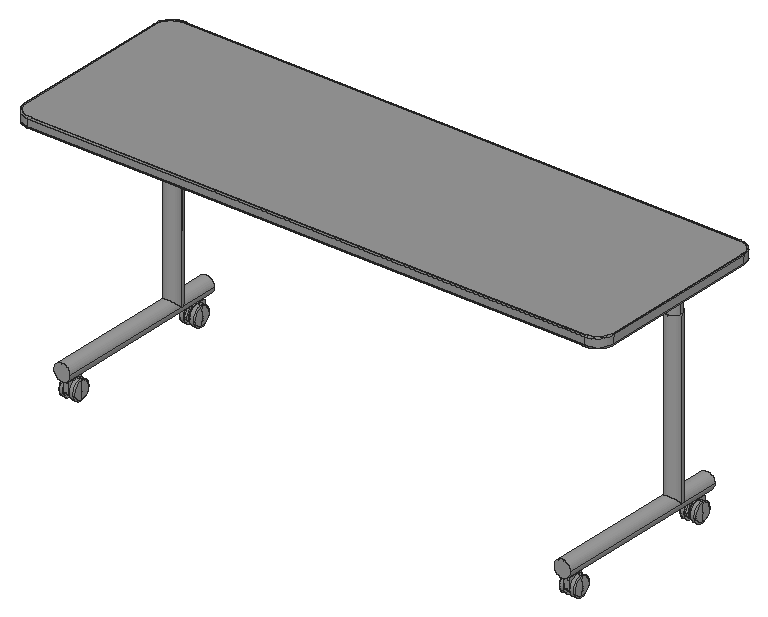
Revit family "Trios C Leg 7224 - Adjustable", category Generic Models, Revit 2018
Family settings
  Can host rebar = No
  Round Connector Dimension = Use Diameter
  Part Type = Normal
  Work Plane-Based = No
  Always vertical = Yes
  Cut with Voids When Loaded = No
  Shared = No
  Room Calculation Point = No
Parameters
  Table Height = 2' - 5 1/2"
  Surface = Trio C-Adj Leg 7224 Surface
  Leg Finish = Trio Leg Platinum
  Grommets = Trios 7224 Tabletop : Trios 7224 Tabletop
  Edgeband = Trio C-Adj Leg 7224 Edgeband
  Caster/Glider = Trios C Leg Adjustable - Casters : Trios C Leg Adjustable - Casters
Reference planes (in)
  plane 1 "Center (Front/Back)": y = 0
  plane 2: z = 0
  plane 3 "Center (Left/Right)": x = 0
  plane 4: z = 29.5
Dimensions and locks (in)
  "Table Height": plane 4 to level
  aligned and locked: plane 2 to level
  aligned and locked: nested 3 to plane 4
Nested families (in)
  nested 1: "Trios C Leg Adjustable - Casters" at (-30.58071, 0, 0), type <- "Caster/Glider", type "Trios C Leg Adjustable - Casters"
    with Leg Height 2' - 5 1/2"
  nested 2: "Trios C Leg Adjustable - Casters" at (30.58071, 0, 0) x (-1, 0, 0) z (0, 0, 1), type <- "Caster/Glider", type "Trios C Leg Adjustable - Casters"
    with Leg Height 2' - 5 1/2"
  nested 3: "Trios 7224 Tabletop" at (0, 0, 1.73202), type <- "Grommets", type "Trios 7224 Tabletop"
Definition of nested family "Trios C Leg Adjustable - Casters"
  Parameters (values of type "Trios C Leg Adjustable - Casters")
    Leg Height = 2' - 0.86283"
    Leg Finish = none
  Reference planes (in)
    plane 1 "Center (Front/Back)": y = 0
    plane 2: z = 0
    plane 3 "Center (Left/Right)": x = 0
  Forms (in)
    Revolve 1, solid
      sketch origin (24.58071, -9.2026, 0) x (1, 0, 0) y (0, 0, 1)
        loop
          line (-24.97071, 0.96467) -> (-24.19071, 0.96467) -> (-24.19071, 0) -> (-23.75169, 0)
          arc (-23.75169, 0) -> (-23.6768, 0.03102) -> (-23.64578, 0.10591) r 0.10591
          arc (-23.64578, 0.10591) -> (-23.60985, 0.63116) -> (-23.59787, 1.1575) r 11.56601
          line (-23.59787, 1.1575) -> (-25.56355, 1.1575)
          arc (-25.56355, 1.1575) -> (-25.55156, 0.63116) -> (-25.51564, 0.10591) r 11.56601
          arc (-25.51564, 0.10591) -> (-25.48462, 0.03102) -> (-25.40973, 0) r 0.10591
          line (-25.40973, 0) -> (-24.97071, 0) -> (-24.97071, 0.96467)
        axis (-23.59787, 1.1575) -> (-25.56355, 1.1575)
      angle from 0 to 360
    Extrusion 2, solid
      sketch origin (24.58071, -2.50544, 0) x (0, 1, 0) y (0, 0, 1)
        loop
          line (-7.72966, 0.8701) -> (-5.67751, 0.8701)
          arc (-5.67751, 0.8701) -> (-5.59637, 0.90001) -> (-5.55407, 0.97544) r 0.125
          arc (-5.55407, 0.97544) -> (-5.81666, 1.90885) -> (-6.69716, 2.315) r 1.1575
          line (-6.69716, 2.315) -> (-7.72966, 2.315)
          arc (-7.72966, 2.315) -> (-7.81805, 2.27839) -> (-7.85466, 2.19) r 0.125
          line (-7.85466, 2.19) -> (-7.85466, 0.9951)
          arc (-7.85466, 0.9951) -> (-7.81805, 0.90671) -> (-7.72966, 0.8701) r 0.125
      from -24.89567 to -24.26575
    Revolve 3, solid
      sketch origin (24.58071, -9.99, 0) x (1, 0, 0) y (0, 0, 1)
        loop
          line (-24.58071, 2.74648) -> (-24.58071, 2.315) -> (-24.39321, 2.315) -> (-24.39321, 2.402) -> (-24.26248, 2.402) -> (-24.26248, 2.55948) -> (-24.39321, 2.55948) -> (-24.39321, 2.74648) -> (-24.58071, 2.74648)
        axis (-24.58071, 2.315) -> (-24.58071, 2.74648)
      angle from 0 to 360
    Extrusion 4, solid
      sketch origin (24.58071, -2.50544, 0) x (0, 1, 0) y (0, 0, 1)
        loop
          arc (-5.36095, 1.27372) -> (-5.63909, 1.69661) -> (-5.81774, 2.1702) r 2.29458
          arc (-5.81774, 2.1702) -> (-5.87342, 2.23656) -> (-5.96002, 2.23454) r 0.1
          line (-5.96002, 2.23454) -> (-6.11283, 2.15668)
          arc (-6.11283, 2.15668) -> (-5.66582, 1.68299) -> (-5.54534, 1.04293) r 1.1575
          line (-5.54534, 1.04293) -> (-5.39253, 1.12079)
          arc (-5.39253, 1.12079) -> (-5.34, 1.18966) -> (-5.36095, 1.27372) r 0.1
      from -24.70571 to -24.45571
    Revolve 5, solid
      sketch origin (24.58071, 9.2026, 0) x (1, 0, 0) y (0, 0, -1)
        loop
          line (-24.97071, -0.96467) -> (-24.97071, 0) -> (-25.40973, 0)
          arc (-25.40973, 0) -> (-25.48462, -0.03102) -> (-25.51564, -0.10591) r 0.10591
          arc (-25.51564, -0.10591) -> (-25.55156, -0.63116) -> (-25.56355, -1.1575) r 11.56601
          line (-25.56355, -1.1575) -> (-23.59787, -1.1575)
          arc (-23.59787, -1.1575) -> (-23.60985, -0.63116) -> (-23.64578, -0.10591) r 11.56601
          arc (-23.64578, -0.10591) -> (-23.6768, -0.03102) -> (-23.75169, 0) r 0.10591
          line (-23.75169, 0) -> (-24.19071, 0) -> (-24.19071, -0.96467) -> (-24.97071, -0.96467)
        axis (-23.59787, -1.1575) -> (-25.56355, -1.1575)
      angle from 0 to 360
    Extrusion 6, solid
      sketch origin (24.58071, 2.50544, 0) x (0, -1, 0) y (0, 0, -1)
        loop
          arc (-7.72966, -0.8701) -> (-7.81805, -0.90671) -> (-7.85466, -0.9951) r 0.125
          line (-7.85466, -0.9951) -> (-7.85466, -2.19)
          arc (-7.85466, -2.19) -> (-7.81805, -2.27839) -> (-7.72966, -2.315) r 0.125
          line (-7.72966, -2.315) -> (-6.69716, -2.315)
          arc (-6.69716, -2.315) -> (-5.81666, -1.90885) -> (-5.55407, -0.97544) r 1.1575
          arc (-5.55407, -0.97544) -> (-5.59637, -0.90001) -> (-5.67751, -0.8701) r 0.125
          line (-5.67751, -0.8701) -> (-7.72966, -0.8701)
      from -24.89567 to -24.26575
    Revolve 7, solid
      sketch origin (24.58071, 9.99, 0) x (1, 0, 0) y (0, 0, -1)
        loop
          line (-24.58071, -2.74648) -> (-24.39321, -2.74648) -> (-24.39321, -2.55948) -> (-24.26248, -2.55948) -> (-24.26248, -2.402) -> (-24.39321, -2.402) -> (-24.39321, -2.315) -> (-24.58071, -2.315) -> (-24.58071, -2.74648)
        axis (-24.58071, -2.315) -> (-24.58071, -2.74648)
      angle from 0 to 360
    Extrusion 8, solid
      sketch origin (24.58071, 2.50544, 0) x (0, -1, 0) y (0, 0, -1)
        loop
          arc (-5.36095, -1.27372) -> (-5.34, -1.18966) -> (-5.39253, -1.12079) r 0.1
          line (-5.39253, -1.12079) -> (-5.54534, -1.04293)
          arc (-5.54534, -1.04293) -> (-5.66582, -1.68299) -> (-6.11283, -2.15668) r 1.1575
          line (-6.11283, -2.15668) -> (-5.96002, -2.23454)
          arc (-5.96002, -2.23454) -> (-5.87342, -2.23656) -> (-5.81774, -2.1702) r 0.1
          arc (-5.81774, -2.1702) -> (-5.63909, -1.69661) -> (-5.36095, -1.27372) r 2.29458
      from -24.70571 to -24.45571
    Extrusion 9, solid, material <- "Leg Finish"
      sketch origin (0, 6, 0) x (1, 0, 0) y (0, 1, 0)
        loop
          circle (0, 0) r 1
      from 3.56048 to 24.30283
    Extrusion 10, solid, material <- "Leg Finish"
      sketch origin (0, 0, 0) x (1, 0, 0) y (0, 0, 1)
        loop
          circle (0, 3.56048) r 1
      from -11 to 11
  Dimensions and locks (in)
    "Leg Height": nested 1 to level
    aligned and locked: plane 2 to level
  Automatic sketch dimensions
    Revolve 1 sketch curve to level = 0' - 0"  (x2)
    level to Revolve 1 sketch curve = 0' - 1.1575"
    Revolve 1 sketch curve to plane 3 "Center (Left/Right)" = 0' - 10.58317"
    Revolve 1 sketch curve to plane 3 "Center (Left/Right)" = 0' - 0.98284"
    level to Revolve 1 sketch curve = 0' - 0.10591"  (x2)
    Revolve 1 sketch curve to plane 3 "Center (Left/Right)" = 0' - 0.82902"
    Revolve 1 sketch curve to plane 3 "Center (Left/Right)" = 0' - 0.39"
    plane 3 "Center (Left/Right)" to Revolve 1 sketch curve = 0' - 0.39"
    Revolve 1 sketch curve to Revolve 1 sketch curve = 0' - 0.43902"
    Revolve 1 sketch curve to Revolve 1 sketch curve = 0' - 0.19283"
    Revolve 1 sketch curve to Revolve 1 sketch curve = 0' - 1.15716"
    Revolve 1 sketch curve to Revolve 1 sketch curve = 0' - 0.87716"
    Revolve 1 sketch curve to Revolve 1 sketch curve = 0' - 0"
    level to Extrusion 2 sketch curve = 0' - 0.9951"
    plane 1 "Center (Front/Back)" to Extrusion 2 sketch curve = 0' - 10.3601"
    Extrusion 2 sketch curve to Extrusion 2 sketch curve = 0' - 0 1/8"  (x3)
    Extrusion 2 sketch curve to Extrusion 2 sketch curve = 0' - 1.0325"
    Extrusion 2 sketch curve to Extrusion 2 sketch curve = 0' - 1.01965"
    Extrusion 2 sketch curve to Extrusion 2 sketch curve = 0' - 0.1624"
    Extrusion 2 sketch curve to Extrusion 2 sketch curve = 0' - 1.1949"
    Revolve 3 sketch curve to plane 3 "Center (Left/Right)" = 0' - 0"  (x2)
    plane 3 "Center (Left/Right)" to Revolve 3 sketch curve = 0' - 0 3/16"
    Revolve 3 sketch curve to Revolve 3 sketch curve = 0' - 0 3/16"
    Revolve 3 sketch curve to Revolve 3 sketch curve = 0' - 0.13072"
    level to Revolve 3 sketch curve = 0' - 2.315"
    Revolve 3 sketch curve to Revolve 3 sketch curve = 0' - 0.087"
    Revolve 3 sketch curve to Revolve 3 sketch curve = 0' - 0.15748"
    Revolve 3 sketch curve to Revolve 3 sketch curve = 0' - 0.187"
    Revolve 3 sketch curve to Revolve 3 sketch curve = 0' - 0"
    Revolve 3 sketch curve to Revolve 3 sketch curve = 0' - 0.49875"
    level to Extrusion 4 sketch curve = 0' - 1.1575"
    plane 1 "Center (Front/Back)" to Extrusion 4 sketch curve = 0' - 9.2026"
    level to Extrusion 4 sketch curve = 0' - 2.15668"
    Extrusion 4 sketch curve to Extrusion 4 sketch curve = 0' - 0.58433"
    level to Extrusion 4 sketch curve = 0' - 2.23454"
    Extrusion 4 sketch curve to Extrusion 4 sketch curve = 0' - 0.15281"
    Extrusion 4 sketch curve to Extrusion 4 sketch curve = 0' - 0.0454"  (x2)
    level to Extrusion 4 sketch curve = 0' - 1.04293"
    Extrusion 4 sketch curve to Extrusion 4 sketch curve = 0' - 0.10741"
    level to Extrusion 4 sketch curve = 0' - 1.12079"
    Extrusion 4 sketch curve to Extrusion 4 sketch curve = 0' - 1.84333"
    Extrusion 4 sketch curve to Extrusion 4 sketch curve = 0' - 0.0891"  (x2)
    Extrusion 4 sketch curve to Extrusion 4 sketch curve = 0' - 1.52844"
    Extrusion 4 sketch curve to Extrusion 4 sketch curve = 0' - 0"
    Revolve 5 sketch curve to level = 0' - 0"  (x2)
    level to Revolve 5 sketch curve = 0' - 1.1575"
    Revolve 5 sketch curve to plane 3 "Center (Left/Right)" = 0' - 10.58317"
    Revolve 5 sketch curve to plane 3 "Center (Left/Right)" = 0' - 0.98284"
    level to Revolve 5 sketch curve = 0' - 0.10591"  (x2)
    Revolve 5 sketch curve to plane 3 "Center (Left/Right)" = 0' - 0.82902"
    Revolve 5 sketch curve to plane 3 "Center (Left/Right)" = 0' - 0.39"
    plane 3 "Center (Left/Right)" to Revolve 5 sketch curve = 0' - 0.39"
    Revolve 5 sketch curve to Revolve 5 sketch curve = 0' - 0.43902"
    Revolve 5 sketch curve to Revolve 5 sketch curve = 0' - 0.19283"
    Revolve 5 sketch curve to Revolve 5 sketch curve = 0' - 1.15716"
    Revolve 5 sketch curve to Revolve 5 sketch curve = 0' - 0.87716"
    Revolve 5 sketch curve to Revolve 5 sketch curve = 0' - 0"
    Extrusion 6 sketch curve to level = 0' - 0.9951"
    plane 1 "Center (Front/Back)" to Extrusion 6 sketch curve = 0' - 10.3601"
    Extrusion 6 sketch curve to Extrusion 6 sketch curve = 0' - 0 1/8"  (x3)
    Extrusion 6 sketch curve to Extrusion 6 sketch curve = 0' - 1.0325"
    Extrusion 6 sketch curve to Extrusion 6 sketch curve = 0' - 1.01965"
    Extrusion 6 sketch curve to Extrusion 6 sketch curve = 0' - 0.1624"
    Extrusion 6 sketch curve to Extrusion 6 sketch curve = 0' - 1.1949"
    Revolve 7 sketch curve to plane 3 "Center (Left/Right)" = 0' - 0"  (x2)
    plane 3 "Center (Left/Right)" to Revolve 7 sketch curve = 0' - 0 3/16"
    Revolve 7 sketch curve to Revolve 7 sketch curve = 0' - 0 3/16"
    Revolve 7 sketch curve to Revolve 7 sketch curve = 0' - 0.13072"
    level to Revolve 7 sketch curve = 0' - 2.74648"
    Revolve 7 sketch curve to Revolve 7 sketch curve = 0' - 0.187"
    Revolve 7 sketch curve to Revolve 7 sketch curve = 0' - 0.15748"
    Revolve 7 sketch curve to Revolve 7 sketch curve = 0' - 0.087"
    Revolve 7 sketch curve to Revolve 7 sketch curve = 0' - 0.49875"
    Revolve 7 sketch curve to Revolve 7 sketch curve = 0' - 0"
    Extrusion 8 sketch curve to level = 0' - 1.1575"
    plane 1 "Center (Front/Back)" to Extrusion 8 sketch curve = 0' - 9.2026"
    Extrusion 8 sketch curve to level = 0' - 2.15668"
    Extrusion 8 sketch curve to Extrusion 8 sketch curve = 0' - 0.58433"
    Extrusion 8 sketch curve to level = 0' - 2.23454"
    Extrusion 8 sketch curve to Extrusion 8 sketch curve = 0' - 0.15281"
    Extrusion 8 sketch curve to Extrusion 8 sketch curve = 0' - 0.0454"  (x2)
    Extrusion 8 sketch curve to level = 0' - 1.04293"
    Extrusion 8 sketch curve to Extrusion 8 sketch curve = 0' - 0.10741"
    Extrusion 8 sketch curve to level = 0' - 1.12079"
    Extrusion 8 sketch curve to Extrusion 8 sketch curve = 0' - 1.84333"
    Extrusion 8 sketch curve to Extrusion 8 sketch curve = 0' - 0.0891"  (x2)
    Extrusion 8 sketch curve to Extrusion 8 sketch curve = 0' - 1.52844"
    Extrusion 8 sketch curve to Extrusion 8 sketch curve = 0' - 0"
    Extrusion 9 sketch curve to Extrusion 9 sketch curve = 0' - 0"  (x2)
    Extrusion 9 sketch curve to plane 3 "Center (Left/Right)" = 0' - 0"
    Extrusion 9 sketch curve to plane 1 "Center (Front/Back)" = 0' - 6"
    Extrusion 9 sketch curve to Extrusion 9 sketch curve = 0' - 1"
    Extrusion 10 sketch curve to Extrusion 10 sketch curve = 0' - 0"  (x2)
    Extrusion 10 sketch curve to plane 3 "Center (Left/Right)" = 0' - 0"
    level to Extrusion 10 sketch curve = 0' - 3.56048"
    Extrusion 10 sketch curve to Extrusion 10 sketch curve = 0' - 1"
  Nested families (in)
    nested 1: "Trios Adjustable Top" at (0, 6, 0), type "Trios Adjustable Top"
  Definition of nested family "Trios Adjustable Top"
    Parameters (values of type "Trios Adjustable Top")
      Leg Finish = none
    Reference planes (in)
      plane 1 "Center (Front/Back)": y = 0
      plane 2: z = 0
      plane 3 "Center (Left/Right)": x = 0
    Forms (in)
      Extrusion 1, solid, material <- "Leg Finish"
        sketch origin (0, 0, 0) x (1, 0, 0) y (0, 1, 0)
          loop
            circle (0, 0) r 0.87661
        from 7.06283 to 24.68283
      Extrusion 2, solid, material <- "Leg Finish"
        sketch origin (0, 0, 0) x (1, 0, 0) y (0, 1, 0)
          loop
            line (-2.9995, 3.9995) -> (-2.9995, -3.9995) -> (3, -3.9995) -> (3, 3.9995) -> (-2.9995, 3.9995)
        from 24.68283 to 24.86283
    Dimensions and locks (in)
      aligned and locked: plane 2 to level
Definition of nested family "Trios 7224 Tabletop"
  Parameters (values of type "Trios 7224 Tabletop")
    Surface = none
    Edgeband = none
  Reference planes (in)
    plane 1 "Center (Front/Back)": y = 0
    plane 2: z = 0
    plane 3 "Center (Left/Right)": x = 0
  Forms (in)
    Extrusion 1, solid, material <- "Surface"
      sketch origin (0, 0, 0) x (1, 0, 0) y (0, 1, 0)
        loop
          line (34, 11.79342) -> (-34, 11.79342)
          arc (-34, 11.79342) -> (-35.3307, 11.24223) -> (-35.88189, 9.91153) r 1.88189
          line (-35.88189, 9.91153) -> (-35.88189, -9.91153)
          arc (-35.88189, -9.91153) -> (-35.3307, -11.24223) -> (-34, -11.79342) r 1.88189
          line (-34, -11.79342) -> (34, -11.79342)
          arc (34, -11.79342) -> (35.3307, -11.24223) -> (35.88189, -9.91153) r 1.88189
          line (35.88189, -9.91153) -> (35.88189, 9.91153)
          arc (35.88189, 9.91153) -> (35.3307, 11.24223) -> (34, 11.79342) r 1.88189
      from 27.76798 to 28.96798
    Sweep 2, solid, material <- "Edgeband"
      path origin (0, 0, 0) x (1, 0, 0) y (0, 1, 0)
        loop
          line (34, 11.79342) -> (-34, 11.79342)
          arc (-34, 11.79342) -> (-35.3307, 11.24223) -> (-35.88189, 9.91153) r 1.88189
          line (-35.88189, 9.91153) -> (-35.88189, -9.91153)
          arc (-35.88189, -9.91153) -> (-35.3307, -11.24223) -> (-34, -11.79342) r 1.88189
          line (-34, -11.79342) -> (34, -11.79342)
          arc (34, -11.79342) -> (35.3307, -11.24223) -> (35.88189, -9.91153) r 1.88189
          line (35.88189, -9.91153) -> (35.88189, 9.91153)
          arc (35.88189, 9.91153) -> (35.3307, 11.24223) -> (34, 11.79342) r 1.88189
      profile origin (0, 11.79342, 0) x (0, -1, 0) y (0, 0, 1)
        loop
          arc (0, 28.96798) -> (-0.08352, 28.93339) -> (-0.11811, 28.84987) r 0.11811
          line (-0.11811, 28.84987) -> (-0.11811, 27.88609)
          arc (-0.11811, 27.88609) -> (-0.08352, 27.80257) -> (0, 27.76798) r 0.11811
          line (0, 27.76798) -> (0, 28.96798)
  Dimensions and locks (in)
    aligned and locked: plane 2 to level
